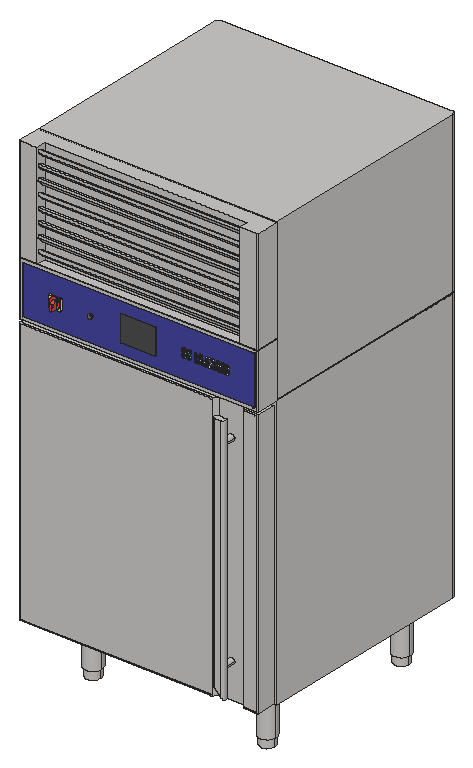
Revit family "QF_NuovAIR_P10.1----", category Specialty Equipment, Revit 2019
Family settings
  Round Connector Dimension = Use Diameter
  Part Type = Normal
  Work Plane-Based = No
  Always vertical = Yes
  Cut with Voids When Loaded = No
  Shared = No
  Room Calculation Point = No
Parameters (values of type "P10.1_LH_400V 50A")
  Weight = 180.00 kg
  Volts = 400 V
  Volt Free Conn = no
  URL Manufacturer = "https://www.nuovair.com/"
  URL Cutsheet = "P10.1-en.pdf"
  URL = ""
  Show Logo [instance] = yes
  Show Clearance [instance] = no
  Refrigeration Suction Line Size = 0 mm
  Refrigeration Liquid Line Size = 0 mm
  Refrigeration Energy Efficiency Index = ""
  Refrigeration Climate Class = ""
  Refrigerant Type = "R452a"
  Refrigerant Compressor Remote = no
  Potential Equalisation = yes
  Phase = 3
  Number of Poles = 3
  Model = "P10.1"
  Mat_Legs = QF_Stainless-Brushed
  Mat_Handle = QF_Stainless-Brushed
  Mat_Clearance = QF_Clearance
  Mat_Case = QF_Stainless-Brushed
  Masterspec = ""
  Manufacturer = "NUOVAIR"
  Main switch integrated = no
  Length Actual = 820 mm  # constant formula
  Legs_R2 = 25 mm  # constant formula
  Legs_R1 = 30 mm  # constant formula
  Keynote = "0"
  Item Number = "P10.1"
  Identify Quantity as Lot = no
  Horse Power = ""
  Height Actual = 1690 mm  # constant formula
  Foodservice Equipment Identifier = yes
  Energy Efficiency Labelling = ""
  FL Amps = 6 A
  Electric power = 2900000 W
  Elec Connection Height = 1160 mm
  Ele_Note = ""
  DoorH = Height Actual - 200 mm - 550 mm - 20 mm  # 920 mm
  Direct Waste Size = 0 mm
  Direct Waste Connection Height = 0 mm
  Description = "Blast Chiller, 8-12 tray GN1/1 - 60x40"
  Description_FR = ""
  Description_ES = ""
  Description_EN = ""
  Description_DE = ""
  Depth Actual = 853 mm  # constant formula
  RH = no
  D15 = 15 mm  # constant formula
  Cycle = 50 Hz
  Conn Plug = "only cable"
  CE Approved = yes
  Author = ""
  Accessory = no
Types (6, lengths in mm): name | Volts | FL Amps | RH | Cycle
  P10.1_LH_400V 50A | 400 V | 6 A | no | 50 Hz
  P10.1_RH_400V 50A | 400 V | 6 A | yes | 50 Hz
  P10.1_LH_440V 60A | 440 V | 6.6 A | no | 60 Hz
  P10.1_RH_440V 60A | 440 V | 6.6 A | yes | 60 Hz
  P10.1_LH_230V 60A | 230 V | 12.5 A | no | 60 Hz
  P10.1_RH_230V 60A | 230 V | 12.5 A | yes | 60 Hz
Reference planes
  plane 1 "Center (Front/Back)": y = 0
  plane 2: z = 0
  plane 3 "Center (Left/Right)": x = 0
  plane 4 "SX": x = -410
  plane 5 "DX": x = 410
  plane 6: y = -853
  plane 7: y = -1630
  plane 8: y = -770
  plane 9 "top": z = 1690
  plane 10 "Base": z = 510
  plane 11: x = -450
  plane 12: x = 450
  plane 13: y = -60
  plane 14: y = -710
  plane 15: x = -350
  plane 16: x = 350
  plane 17: y = 50
  plane 18 "down": z = 200
  plane 19: x = -300
  plane 20: x = 300
  plane 21: y = -96.5
  plane 22: y = -673.5
  plane 23 "Center L/S": z = 529
  plane 24 "1": z = 1140
  plane 25: z = 1330
  plane 26: z = 1235
  plane 27 "Manopola_X": x = -285
  plane 28: x = -165
  plane 29: z = 270
  plane 30: z = 1070
  plane 31: y = -385
  plane 32: z = 2190
Forms (mm)
  Extrusion 1, solid, material "QF_Clearance" <- "Mat_Clearance", visible <- "Show Clearance"
    sketch origin (0, 0, 0) x (1, 0, 0) y (0, 1, 0)
      loop
        line (-410, 50) -> (-410, -1630) -> (410, -1630) -> (410, 50) -> (-410, 50)
    from 0 to 1690
  Extrusion 2, solid, material "QF_Stainless-Brushed" <- "Mat_Case", detail levels medium+fine
    sketch origin (0, 0, 0) x (1, 0, 0) y (0, 1, 0)
      loop
        arc (-395, 0) -> (-405.607, -4.393) -> (-410, -15) r 15
        line (-410, -15) -> (-410, -770) -> (410, -770) -> (410, -15)
        arc (410, -15) -> (405.607, -4.393) -> (395, 0) r 15
        line (395, 0) -> (-395, 0)
      loop
        arc (-335, -60) -> (-345.607, -64.393) -> (-350, -75) r 15
        line (-350, -75) -> (-350, -695)
        arc (-350, -695) -> (-345.607, -705.607) -> (-335, -710) r 15
        line (-335, -710) -> (335, -710)
        arc (335, -710) -> (345.607, -705.607) -> (350, -695) r 15
        line (350, -695) -> (350, -75)
        arc (350, -75) -> (345.607, -64.393) -> (335, -60) r 15
        line (335, -60) -> (-335, -60)
    from 200 to 1690
  Extrusion 3, solid, material "QF_Clearance" <- "Mat_Clearance", visible <- "Show Clearance"
    sketch origin (0, 0, 0) x (1, 0, 0) y (0, 1, 0)
      loop
        line (-450, 0) -> (-450, -853) -> (450, -853) -> (450, 0) -> (-450, 0)
    from 0 to 1690
  Extrusion 4, solid, material "QF_Stainless-Brushed" <- "Mat_Case", detail levels medium+fine
    sketch origin (0, 0, 0) x (1, 0, 0) y (0, 1, 0)
      loop
        line (-350, -60) -> (-350, -710) -> (350, -710) -> (350, -60) -> (-350, -60)
    from 200 to 510
  Extrusion 5, solid, material "QF_Stainless-Brushed" <- "Mat_Case", detail levels medium+fine
    sketch origin (-1142.471, -1524, 1650) x (-1, 0, 0) y (0, -1, 0)
      loop
        line (-792.471, -1464) -> (-792.471, -814) -> (-1492.471, -814) -> (-1492.471, -1464) -> (-792.471, -1464)
    from 0 to 40
  Extrusion 6, solid, material "QF_Stainless-Brushed" <- "Mat_Legs", detail levels medium+fine
    sketch origin (0, 0, 0) x (1, 0, 0) y (0, 1, 0)
      loop
        circle (-300, -673.5) r 30
      loop
        circle (300, -673.5) r 30
      loop
        circle (300, -96.5) r 30
      loop
        circle (-300, -96.5) r 30
    from 30 to 200
  Extrusion 7, solid, material "QF_Stainless-Brushed" <- "Mat_Legs", detail levels medium+fine
    sketch origin (0, 0, 0) x (1, 0, 0) y (0, 1, 0)
      loop
        circle (-300, -96.5) r 25
      loop
        circle (300, -96.5) r 25
      loop
        circle (-300, -673.5) r 25
      loop
        circle (300, -673.5) r 25
    from 0 to 30
  Extrusion 8, solid, material "QF_Stainless-Brushed" <- "Mat_Case", detail levels medium+fine
    sketch origin (0, 0, 1140) x (-1, 0, 0) y (0, -1, 0)
      loop
        line (408, 770) -> (410, 772) -> (410, 850)
        arc (410, 850) -> (409.121, 852.121) -> (407, 853) r 3
        line (407, 853) -> (-407, 853)
        arc (-407, 853) -> (-409.121, 852.121) -> (-410, 850) r 3
        line (-410, 850) -> (-410, 772) -> (-408, 770) -> (408, 770)
    from 0 to 550
  Sweep 9, void
    path origin (0, 0, 1140) x (-1, 0, 0) y (0, -1, 0)
      loop
        line (350, 853) -> (-350, 853)
    profile "PRF_Air-8 Blade : KTM" origin (0, -853, 1140) x (0, 1, 0) y (0, 0, 1)
      loop
        line (33, 190) -> (33, 206) -> (23, 206) -> (5, 224) -> (5, 234) -> (10, 234) -> (10, 226.071) -> (25.071, 211) -> (33, 211) -> (33, 250) -> (23, 250) -> (5, 268) -> (5, 278) -> (10, 278) -> (10, 270.071) -> (25.071, 255) -> (33, 255) -> (33, 294) -> (23, 294) -> (5, 312) -> (5, 322) -> (10, 322) -> (10, 314.071) -> (25.071, 299) -> (33, 299) -> (33, 338) -> (23, 338) -> (5, 356) -> (5, 366) -> (10, 366) -> (10, 358.071) -> (25.071, 343) -> (33, 343) -> (33, 382) -> (23, 382) -> (5, 400) -> (5, 410) -> (10, 410) -> (10, 402.071) -> (25.071, 387) -> (33, 387) -> (33, 426) -> (23, 426) -> (5, 444) -> (5, 454) -> (10, 454) -> (10, 446.071) -> (25.071, 431) -> (33, 431) -> (33, 470) -> (23, 470) -> (5, 488) -> (5, 498) -> (10, 498) -> (10, 490.071) -> (25.071, 475) -> (33, 475) -> (33, 514) -> (23, 514) -> (5, 532) -> (5, 542) -> (10, 542) -> (10, 534.071) -> (25.071, 519) -> (33, 519) -> (33, 552) -> (-25, 552) -> (-25, 190) -> (33, 190)
  Sweep 10, void
    path origin (-846.124, -1524, 1330) x (-1, 0, 0) y (0, -1, 0)
      loop
        line (-436.124, -754) -> (-436.124, -671) -> (-1256.124, -671) -> (-1256.124, -754)
    profile "PRF_scalpel : PRF_scalpel" origin (0, -853, 1330) x (0, 1, 0) y (0, 0, 1)
      loop
        line (1, 0) -> (-1, 2) -> (-51, 2) -> (-51, -2) -> (-1, -2) -> (1, 0)
  Extrusion 11, void
    sketch origin (-909.885, -853, 4000) x (-1, 0, 0) y (0, 0, 1)
      loop
        line (-509.885, -2850) -> (-509.885, -2680) -> (-1309.885, -2680) -> (-1309.885, -2850) -> (-509.885, -2850)
    from 0 to 2
  Extrusion 12, solid, material "QF_Plastic-Navy Blue", detail levels medium+fine
    sketch origin (-909.885, -853, 4000) x (-1, 0, 0) y (0, 0, 1)
      loop
        line (-509.885, -2850) -> (-509.885, -2680) -> (-1309.885, -2680) -> (-1309.885, -2850) -> (-509.885, -2850)
    from 0 to 2
  Extrusion 13, solid, material "QF_Rubber-Black", detail levels fine
    sketch origin (-909.885, -853, 4000) x (-1, 0, 0) y (0, 0, 1)
      loop
        circle (-744.885, -2765) r 7.5
    from 0 to -5
  Extrusion 14, solid, material "QF_Plastic-Black-Transparent", detail levels fine
    sketch origin (-909.885, -853, 4000) x (-1, 0, 0) y (0, 0, 1)
      loop
        arc (-851.885, -2810) -> (-850.471, -2809.414) -> (-849.885, -2808) r 2
        line (-849.885, -2808) -> (-849.885, -2722)
        arc (-849.885, -2722) -> (-850.471, -2720.586) -> (-851.885, -2720) r 2
        line (-851.885, -2720) -> (-967.885, -2720)
        arc (-967.885, -2720) -> (-969.3, -2720.586) -> (-969.885, -2722) r 2
        line (-969.885, -2722) -> (-969.885, -2808)
        arc (-969.885, -2808) -> (-969.3, -2809.414) -> (-967.885, -2810) r 2
        line (-967.885, -2810) -> (-851.885, -2810)
    from 0 to -1
  Extrusion 15, solid, material "QF_Plastic-White-Glossy", visible <- "Show Logo", detail levels fine
    sketch origin (-909.885, -853, 4000) x (-1, 0, 0) y (0, 0, 1)
      loop
        arc (-1128.781, -2762.416) -> (-1134.776, -2768.41) -> (-1140.77, -2762.416) r 5.994
        line (-1140.77, -2762.416) -> (-1140.77, -2750) -> (-1143.053, -2750) -> (-1143.053, -2762.416)
        arc (-1143.053, -2762.416) -> (-1134.776, -2770.694) -> (-1126.498, -2762.416) r 8.278
        line (-1126.498, -2762.416) -> (-1126.498, -2750) -> (-1128.781, -2750) -> (-1128.781, -2762.416)
      loop
        circle (-1155.915, -2760.424) r 10.27
      loop
        circle (-1155.915, -2760.424) r 7.986
      loop
        line (-1212.558, -2761.793) -> (-1208.232, -2761.793) -> (-1208.232, -2753.14) -> (-1212.558, -2753.14)
        arc (-1212.558, -2753.14) -> (-1216.885, -2757.466) -> (-1212.558, -2761.793) r 4.327
      loop
        arc (-1217.138, -2763.363) -> (-1219.55, -2766.639) -> (-1219.885, -2770.694) r 7.466
        line (-1219.885, -2770.694) -> (-1216.64, -2770.694)
        arc (-1216.64, -2770.694) -> (-1216.089, -2766.758) -> (-1212.558, -2764.933) r 4.327
        line (-1212.558, -2764.933) -> (-1208.232, -2764.933) -> (-1208.232, -2770.694) -> (-1205.377, -2770.694) -> (-1205.377, -2750) -> (-1212.558, -2750)
        arc (-1212.558, -2750) -> (-1219.621, -2755.045) -> (-1217.138, -2763.363) r 7.466
      loop
        line (-1107.955, -2755.624) -> (-1107.955, -2770.694) -> (-1105.672, -2770.694) -> (-1105.672, -2750) -> (-1120.324, -2765.07) -> (-1120.324, -2750) -> (-1122.608, -2750) -> (-1122.608, -2770.694) -> (-1107.955, -2755.624)
      loop
        line (-1200.317, -2770.694) -> (-1197.463, -2770.694) -> (-1197.463, -2750) -> (-1200.317, -2750) -> (-1200.317, -2770.694)
      loop
        line (-1179.711, -2750) -> (-1182.178, -2750) -> (-1173.719, -2770.694) -> (-1165.26, -2750) -> (-1167.726, -2750) -> (-1173.719, -2764.659) -> (-1179.711, -2750)
      loop
        line (-1189.418, -2764.471) -> (-1184.371, -2764.471) -> (-1186.894, -2758.298) -> (-1189.418, -2764.471)
      loop
        line (-1190.468, -2767.04) -> (-1183.321, -2767.04) -> (-1181.827, -2770.694) -> (-1178.435, -2770.694) -> (-1186.894, -2750) -> (-1195.353, -2770.694) -> (-1191.961, -2770.694) -> (-1190.468, -2767.04)
      loop
        line (-1107.153, -2780) -> (-1105.672, -2780) -> (-1105.672, -2773.718) -> (-1107.153, -2773.718) -> (-1107.153, -2780)
      loop
        line (-1112.129, -2780) -> (-1108.839, -2780) -> (-1108.839, -2773.718) -> (-1112.129, -2773.718) -> (-1112.129, -2780)
      loop
        line (-1117.558, -2780) -> (-1113.075, -2780) -> (-1113.075, -2773.718) -> (-1117.558, -2773.718) -> (-1117.558, -2780)
      loop
        line (-1123.275, -2780) -> (-1118.956, -2780) -> (-1118.956, -2773.718) -> (-1123.275, -2773.718) -> (-1123.275, -2780)
      loop
        line (-1127.675, -2780) -> (-1124.22, -2780) -> (-1124.22, -2773.718) -> (-1127.675, -2773.718) -> (-1127.675, -2780)
      loop
        line (-1132.24, -2780) -> (-1128.374, -2780) -> (-1128.374, -2773.718) -> (-1132.24, -2773.718) -> (-1132.24, -2780)
      loop
        line (-1136.189, -2780) -> (-1133.268, -2780) -> (-1133.268, -2773.718) -> (-1136.189, -2773.718) -> (-1136.189, -2780)
      loop
        line (-1141.289, -2780) -> (-1136.858, -2780) -> (-1136.858, -2773.718) -> (-1141.289, -2773.718) -> (-1141.289, -2780)
      loop
        line (-1146.827, -2780) -> (-1142.835, -2780) -> (-1142.835, -2773.718) -> (-1146.827, -2773.718) -> (-1146.827, -2780)
      loop
        line (-1149.816, -2780) -> (-1147.806, -2780) -> (-1147.806, -2773.718) -> (-1149.816, -2773.718) -> (-1149.816, -2780)
      loop
        line (-1157.956, -2780) -> (-1152.881, -2780) -> (-1152.881, -2773.718) -> (-1157.956, -2773.718) -> (-1157.956, -2780)
      loop
        line (-1162.129, -2780) -> (-1158.677, -2780) -> (-1158.677, -2773.718) -> (-1162.129, -2773.718) -> (-1162.129, -2780)
      loop
        line (-1171.712, -2780) -> (-1165.838, -2780) -> (-1165.838, -2773.718) -> (-1171.712, -2773.718) -> (-1171.712, -2780)
      loop
        line (-1175.473, -2780) -> (-1173.025, -2780) -> (-1173.025, -2773.718) -> (-1175.473, -2773.718) -> (-1175.473, -2780)
      loop
        line (-1182.162, -2780) -> (-1176.878, -2780) -> (-1176.878, -2773.718) -> (-1182.162, -2773.718) -> (-1182.162, -2780)
      loop
        line (-1187.601, -2780) -> (-1183.801, -2780) -> (-1183.801, -2773.718) -> (-1187.601, -2773.718) -> (-1187.601, -2780)
      loop
        line (-1192.468, -2780) -> (-1188.434, -2780) -> (-1188.434, -2773.718) -> (-1192.468, -2773.718) -> (-1192.468, -2780)
      loop
        line (-1197.309, -2780) -> (-1193.587, -2780) -> (-1193.587, -2773.718) -> (-1197.309, -2773.718) -> (-1197.309, -2780)
      loop
        line (-1201.63, -2780) -> (-1198.272, -2780) -> (-1198.272, -2773.718) -> (-1201.63, -2773.718) -> (-1201.63, -2780)
      loop
        line (-1205.924, -2780) -> (-1202.618, -2780) -> (-1202.618, -2773.718) -> (-1205.924, -2773.718) -> (-1205.924, -2780)
      loop
        line (-1208.188, -2780) -> (-1206.731, -2780) -> (-1206.731, -2773.718) -> (-1208.188, -2773.718) -> (-1208.188, -2780)
      loop
        line (-1212.717, -2780) -> (-1208.995, -2780) -> (-1208.995, -2773.718) -> (-1212.717, -2773.718) -> (-1212.717, -2780)
      loop
        line (-1219.885, -2780) -> (-1213.888, -2780) -> (-1213.888, -2773.718) -> (-1219.885, -2773.718) -> (-1219.885, -2780)
    from 0 to -1
  Extrusion 16, solid, material "QF_Plastic-Cyan", visible <- "Show Logo", detail levels fine
    sketch origin (-909.885, -853, 4000) x (-1, 0, 0) y (0, 0, 1)
      loop
        line (-1078.274, -2754.585) -> (-1078.274, -2760.401) -> (-1074.885, -2763.789) -> (-1071.497, -2760.401) -> (-1071.497, -2754.585) -> (-1074.885, -2757.974) -> (-1078.274, -2754.585)
      loop
        line (-1089.435, -2770.101) -> (-1081.197, -2770.101) -> (-1084.814, -2773.718) -> (-1089.885, -2773.718) -> (-1089.885, -2775.43) -> (-1086.527, -2775.43) -> (-1089.045, -2777.948) -> (-1087.834, -2779.159) -> (-1085.316, -2776.641) -> (-1085.316, -2780) -> (-1083.603, -2780) -> (-1083.603, -2774.929) -> (-1079.986, -2771.312) -> (-1079.986, -2779.549) -> (-1074.885, -2774.448) -> (-1069.784, -2779.549) -> (-1069.784, -2771.312) -> (-1066.168, -2774.929) -> (-1066.168, -2780) -> (-1064.455, -2780) -> (-1064.455, -2776.641) -> (-1061.937, -2779.159) -> (-1060.726, -2777.948) -> (-1063.244, -2775.43) -> (-1059.885, -2775.43) -> (-1059.885, -2773.718) -> (-1064.957, -2773.718) -> (-1068.573, -2770.101) -> (-1060.336, -2770.101) -> (-1065.437, -2765) -> (-1060.336, -2759.899) -> (-1068.573, -2759.899) -> (-1064.957, -2756.282) -> (-1059.885, -2756.282) -> (-1059.885, -2754.57) -> (-1063.244, -2754.57) -> (-1060.726, -2752.052) -> (-1061.937, -2750.841) -> (-1064.455, -2753.359) -> (-1064.455, -2750) -> (-1066.168, -2750) -> (-1066.168, -2755.071) -> (-1069.784, -2758.688) -> (-1069.784, -2750.451) -> (-1074.885, -2755.552) -> (-1079.986, -2750.451) -> (-1079.986, -2758.688) -> (-1083.603, -2755.071) -> (-1083.603, -2750) -> (-1085.316, -2750) -> (-1085.316, -2753.359) -> (-1087.834, -2750.841) -> (-1089.045, -2752.052) -> (-1086.527, -2754.57) -> (-1089.885, -2754.57) -> (-1089.885, -2756.282) -> (-1084.814, -2756.282) -> (-1081.197, -2759.899) -> (-1089.435, -2759.899) -> (-1084.334, -2765) -> (-1089.435, -2770.101)
      loop
        line (-1064.471, -2768.388) -> (-1067.859, -2765) -> (-1064.471, -2761.612) -> (-1070.286, -2761.612) -> (-1073.674, -2765) -> (-1070.286, -2768.388) -> (-1064.471, -2768.388)
      loop
        line (-1085.3, -2768.388) -> (-1079.485, -2768.388) -> (-1076.096, -2765) -> (-1079.485, -2761.612) -> (-1085.3, -2761.612) -> (-1081.912, -2765) -> (-1085.3, -2768.388)
      loop
        line (-1078.274, -2775.415) -> (-1074.885, -2772.026) -> (-1071.497, -2775.415) -> (-1071.497, -2769.599) -> (-1074.885, -2766.211) -> (-1078.274, -2769.599) -> (-1078.274, -2775.415)
    from 0 to -1
  Sweep 17, void
    path origin (-846.124, -1524, 1140) x (-1, 0, 0) y (0, -1, 0)
      loop
        line (-436.124, -1524) -> (-436.124, -754) -> (-1256.124, -754) -> (-1256.124, -1524) -> (-436.124, -1524)
    profile "PRF_scalpel : PRF_scalpel" origin (0, 0, 1140) x (0, 1, 0) y (0, 0, 1)
      loop
        line (-1, 0) -> (1, -2) -> (51, -2) -> (51, 2) -> (1, 2) -> (-1, 0)
  Extrusion 18, solid, material "QF_Clearance" <- "Mat_Clearance", visible <- "Show Clearance"
    sketch origin (0, 0, 0) x (1, 0, 0) y (0, 1, 0)
      loop
        line (-410, -853) -> (410, -853) -> (410, 0) -> (-410, 0) -> (-410, -853)
    from 0 to 2190
Cuts and joins
  Sweep 17 cuts Extrusion 2
  joined: Extrusion 2, Extrusion 4, Extrusion 5
  joined: Extrusion 1, Extrusion 3
  Sweep 9, Sweep 10, Extrusion 11 cuts Extrusion 8
Lines and regions (mm)
  model lines, style "InvisibleLines"
    curve 1: line (-50, 0, 0) -> (50, 0, 0)
    curve 2: line (0, 50, 0) -> (0, -50, 0)
  model lines, style "QF_Case", detail levels coarse
    curve 3: line (-410, 0, 0) -> (410, 0, 0)
    curve 4: line (-410, -853, 0) -> (-410, 0, 0)
    curve 5: line (410, -853, 0) -> (-410, -853, 0)
    curve 6: line (410, 0, 0) -> (410, -853, 0)
    curve 7: line (410, -853, 1690) -> (410, -853, 0)
    curve 8: line (410, 0, 1690) -> (410, 0, 0)
    curve 9: line (-410, -853, 1690) -> (-410, -853, 0)
    curve 10: line (-410, 0, 1690) -> (-410, 0, 0)
    curve 11: line (-410, 0, 1690) -> (410, 0, 1690)
    curve 12: line (-410, -853, 1690) -> (-410, 0, 1690)
    curve 13: line (410, -853, 1690) -> (-410, -853, 1690)
    curve 14: line (410, 0, 1690) -> (410, -853, 1690)
  reference lines
    curve 15: line (150, -853, 1306.134) -> (150, -853, 1171.134)
    curve 16: line (310, -853, 1306.134) -> (310, -853, 1171.134)
Dimensions and locks
  curve 1 to plane 3 "Center (Left/Right)" to curve 1 = 50 mm locked, 50 mm locked
  curve 2 to plane 1 "Center (Front/Back)" to curve 2 = 50 mm locked, 50 mm locked
  "Height Actual": plane 9 "top" to level
  "Depth Actual": plane 6 to plane 1 "Center (Front/Back)"
  locked: plane 11 to plane 4 "SX" at 40
  locked: plane 5 "DX" to plane 12 at 40
  locked: plane 13 to plane 1 "Center (Front/Back)" at 60
  locked: plane 14 to plane 8 at 60
  locked: plane 1 "Center (Front/Back)" to plane 17 at 50
  locked: plane 8 to plane 6 at 83
  locked: plane 18 "down" to plane 2 at 200
  equal spacing: plane 4 "SX", plane 3 "Center (Left/Right)", plane 5 "DX"
  "Length Actual": plane 4 "SX" to plane 5 "DX"
  locked: plane 7 to plane 1 "Center (Front/Back)" at 1630
  locked: plane 16 to plane 5 "DX" at 60
  plane 23 "Center L/S" to plane 10 "Base" = 19 mm
  locked: plane 4 "SX" to plane 15 at 60
  plane 10 "Base" to plane 18 "down" = 310 mm
  plane 24 "1" to plane 2 = 1140 mm
  locked: plane 25 to plane 24 "1" at 190
  locked: Extrusion 11 sketch curve to plane 24 "1" at 10
  locked: plane 25 to Extrusion 11 sketch curve at 10
  locked: Extrusion 11 sketch curve to plane 4 "SX" at 10
  locked: plane 5 "DX" to Extrusion 11 sketch curve at 10
  Extrusion 12 sketch curve to plane 4 "SX" = 10 mm
  plane 5 "DX" to Extrusion 12 sketch curve = 10 mm
  Extrusion 12 sketch curve to plane 24 "1" = 10 mm
  plane 25 to Extrusion 12 sketch curve = 10 mm
  equal spacing: plane 25, plane 26, plane 24 "1", locked at 95 each
  locked: Extrusion 14 sketch curve to plane 26 at 45
  locked: plane 26 to Extrusion 14 sketch curve at 45
  Extrusion 14 sketch curve to plane 3 "Center (Left/Right)" = 60 mm
  plane 3 "Center (Left/Right)" to Extrusion 14 sketch curve = 60 mm
  locked: curve 15 to plane 3 "Center (Left/Right)" at 150
  locked: curve 16 to plane 3 "Center (Left/Right)" at 310
  locked: plane 29 to plane 2 at 270
  locked: plane 30 to plane 29 at 800
  locked: plane 24 "1" to plane 30 at 70
  equal spacing: plane 19, plane 3 "Center (Left/Right)", plane 20
  locked: plane 19 to plane 20 at 600
  equal spacing: plane 8, plane 31, plane 1 "Center (Front/Back)"
  equal spacing: plane 21, plane 31, plane 22
  locked: plane 21 to plane 22 at 577
  locked: plane 27 "Manopola_X" to plane 4 "SX" at 125
  locked: plane 28 to plane 27 "Manopola_X" at 120
  locked: plane 32 to plane 9 "top" at 500
  "D15": radius of Extrusion 2 sketch curve  (x6)
  "Legs_R1": radius of Extrusion 6 sketch curve  (x4)
  "Legs_R2": radius of Extrusion 7 sketch curve  (x4)
  aligned and locked: level to plane 2
  aligned and locked: plane 4 "SX" to Extrusion 1 sketch curve
  aligned and locked: plane 7 to Extrusion 1 sketch curve
  aligned and locked: Extrusion 1 sketch curve to plane 5 "DX"
  aligned and locked: plane 9 "top" to Extrusion 1
  aligned and locked: plane 1 "Center (Front/Back)" to Extrusion 2 sketch curve
  aligned and locked: Extrusion 2 sketch curve to plane 5 "DX"
  aligned and locked: plane 4 "SX" to Extrusion 2 sketch curve
  aligned and locked: plane 1 "Center (Front/Back)" to curve 3
  aligned and locked: plane 6 to curve 5
  aligned and locked: curve 6 to plane 5 "DX"
  aligned and locked: plane 4 "SX" to curve 4
  aligned and locked: plane 9 "top" to curve 8
  aligned and locked: plane 9 "top" to curve 7
  aligned and locked: plane 9 "top" to curve 10
  aligned and locked: plane 9 "top" to curve 9
  aligned and locked: level to curve 8
  aligned and locked: level to curve 7
  aligned and locked: level to curve 10
  aligned and locked: level to curve 9
  aligned and locked: curve 8 to plane 1 "Center (Front/Back)"
  aligned and locked: curve 10 to plane 1 "Center (Front/Back)"
  aligned and locked: plane 6 to curve 7
  aligned and locked: plane 6 to curve 9
  aligned and locked: plane 1 "Center (Front/Back)" to Extrusion 3 sketch curve
  aligned and locked: plane 11 to Extrusion 3 sketch curve
  aligned and locked: plane 6 to Extrusion 3 sketch curve
  aligned and locked: Extrusion 3 sketch curve to plane 12
  aligned and locked: plane 9 "top" to Extrusion 3
  aligned and locked: plane 8 to Extrusion 2 sketch curve
  aligned and locked: Extrusion 2 sketch curve to plane 13
  aligned and locked: plane 15 to Extrusion 2 sketch curve
  aligned and locked: Extrusion 2 sketch curve to plane 16
  aligned and locked: Extrusion 2 sketch curve to plane 14
  aligned and locked: plane 15 to Extrusion 4 sketch curve
  aligned and locked: Extrusion 4 sketch curve to plane 13
  aligned and locked: Extrusion 4 sketch curve to plane 16
  aligned and locked: plane 14 to Extrusion 4 sketch curve
  aligned and locked: plane 15 to Extrusion 5 sketch curve
  aligned and locked: Extrusion 5 sketch curve to plane 13
  aligned and locked: Extrusion 5 sketch curve to plane 16
  aligned and locked: plane 14 to Extrusion 5 sketch curve
  aligned and locked: Extrusion 1 sketch curve to plane 17
  aligned and locked: plane 10 "Base" to cut or joined group of Extrusion 2, Extrusion 4, Extrusion 5, Sweep 17
  aligned and locked: cut or joined group of Extrusion 2, Extrusion 4, Extrusion 5, Sweep 17 to plane 18 "down"  (x2)
  aligned and locked: plane 19 to Extrusion 6 sketch curve  (x2)
  aligned and locked: plane 22 to Extrusion 6 sketch curve  (x2)
  aligned and locked: plane 21 to Extrusion 6 sketch curve  (x2)
  aligned and locked: plane 20 to Extrusion 6 sketch curve  (x2)
  aligned and locked: plane 18 "down" to Extrusion 6
  aligned and locked: plane 19 to Extrusion 7 sketch curve  (x2)
  aligned and locked: plane 21 to Extrusion 7 sketch curve  (x2)
  aligned and locked: plane 20 to Extrusion 7 sketch curve  (x2)
  aligned and locked: plane 22 to Extrusion 7 sketch curve  (x2)
  aligned and locked: plane 1 "Center (Front/Back)" to curve 11
  aligned and locked: plane 6 to curve 13
  aligned and locked: plane 4 "SX" to nested 1
  aligned and locked: nested 1 to plane 1 "Center (Front/Back)"
  aligned and locked: Extrusion 8 sketch curve to plane 8
  aligned and locked: plane 4 "SX" to Extrusion 8 sketch curve
  aligned and locked: Extrusion 8 sketch curve to plane 5 "DX"
  aligned and locked: plane 6 to Extrusion 8 sketch curve
  aligned and locked: plane 15 to Sweep 9 sketch curve
  aligned and locked: plane 16 to Sweep 9 sketch curve
  aligned and locked: Sweep 9 sketch curve to plane 6
  aligned and locked: Extrusion 8 to plane 24 "1"
  aligned and locked: plane 9 "top" to Extrusion 2
  aligned and locked: plane 9 "top" to Extrusion 8
  aligned and locked: Sweep 10 sketch curve to plane 4 "SX"
  aligned and locked: plane 5 "DX" to Sweep 10 sketch curve
  aligned and locked: Sweep 10 sketch curve to plane 6
  aligned and locked: plane 8 to Sweep 10 sketch curve  (x2)
  aligned and locked: Extrusion 12 to plane 6
  aligned and locked: plane 27 "Manopola_X" to nested 2
  aligned and locked: nested 2 to plane 26
  aligned and locked: plane 26 to Extrusion 13 sketch curve
  aligned and locked: plane 28 to Extrusion 13 sketch curve
  aligned and locked: plane 6 to Extrusion 13
  aligned and locked: Extrusion 14 to plane 6
  aligned and locked: Extrusion 15 to plane 6
  aligned and locked: Extrusion 15 to curve 16
  aligned and locked: Extrusion 16 to plane 6
  aligned and locked: curve 15 to Extrusion 16
  aligned and locked: plane 8 to Sweep 17 sketch curve
  aligned and locked: Sweep 17 sketch curve to plane 5 "DX"
  aligned and locked: plane 4 "SX" to Sweep 17 sketch curve
  aligned and locked: plane 1 "Center (Front/Back)" to Sweep 17 sketch curve
  aligned and locked: plane 1 "Center (Front/Back)" to nested 3
  aligned and locked: plane 9 "top" to Extrusion 5
  aligned and locked: Extrusion 18 sketch curve to plane 1 "Center (Front/Back)"
  aligned and locked: Extrusion 18 sketch curve to plane 6
  aligned and locked: Extrusion 18 sketch curve to plane 4 "SX"
  aligned and locked: plane 5 "DX" to Extrusion 18 sketch curve
  aligned and locked: Extrusion 18 to level
  aligned and locked: plane 32 to Extrusion 18
Automatic sketch dimensions
  curve 2 to plane 3 "Center (Left/Right)" = 0 mm
  plane 1 "Center (Front/Back)" to curve 1 = 0 mm
  curve 11 to plane 5 "DX" = 0 mm
  curve 13 to plane 4 "SX" = 0 mm
  Extrusion 8 sketch curve to plane 5 "DX" = 2 mm
  Extrusion 8 sketch curve to Extrusion 8 sketch curve = 3 mm
  plane 4 "SX" to Extrusion 8 sketch curve = 3 mm
  plane 4 "SX" to Extrusion 8 sketch curve = 2 mm
  Extrusion 8 sketch curve to plane 8 = 2 mm  (x2)
  Extrusion 14 sketch curve to Extrusion 14 sketch curve = 2 mm  (x4)
  plane 24 "1" to curve 15 = 31.134 mm
  plane 24 "1" to curve 16 = 31.134 mm
  curve 16 to plane 25 = 23.866 mm
  curve 15 to plane 25 = 23.866 mm
  Extrusion 15 sketch curve to Extrusion 15 sketch curve = 0 mm  (x37)
  level to Extrusion 15 sketch curve = 1220 mm  (x23)
  level to Extrusion 15 sketch curve = 1226.282 mm  (x4)
  Extrusion 15 sketch curve to Extrusion 15 sketch curve = 1.481 mm
  Extrusion 15 sketch curve to Extrusion 15 sketch curve = 2.283 mm  (x2)
  Extrusion 15 sketch curve to Extrusion 15 sketch curve = 1.686 mm
  Extrusion 15 sketch curve to Extrusion 15 sketch curve = 3.29 mm
  Extrusion 15 sketch curve to Extrusion 15 sketch curve = 0.946 mm  (x2)
  Extrusion 15 sketch curve to Extrusion 15 sketch curve = 4.483 mm
  Extrusion 15 sketch curve to Extrusion 15 sketch curve = 1.398 mm
  Extrusion 15 sketch curve to Extrusion 15 sketch curve = 12.369 mm
  level to Extrusion 15 sketch curve = 1229.306 mm  (x4)
  Extrusion 15 sketch curve to Extrusion 15 sketch curve = 3.652 mm
  Extrusion 15 sketch curve to Extrusion 15 sketch curve = 4.319 mm
  Extrusion 15 sketch curve to Extrusion 15 sketch curve = 3.89 mm
  Extrusion 15 sketch curve to Extrusion 15 sketch curve = 3.455 mm
  Extrusion 15 sketch curve to Extrusion 15 sketch curve = 0.699 mm
  Extrusion 15 sketch curve to Extrusion 15 sketch curve = 3.866 mm
  Extrusion 15 sketch curve to Extrusion 15 sketch curve = 1.028 mm
  Extrusion 15 sketch curve to Extrusion 15 sketch curve = 5.994 mm
  Extrusion 15 sketch curve to Extrusion 15 sketch curve = 2.92 mm
  Extrusion 15 sketch curve to Extrusion 15 sketch curve = 0.67 mm
  Extrusion 15 sketch curve to Extrusion 15 sketch curve = 4.431 mm
  Extrusion 15 sketch curve to Extrusion 15 sketch curve = 1.546 mm
  Extrusion 15 sketch curve to Extrusion 15 sketch curve = 3.993 mm
  Extrusion 15 sketch curve to Extrusion 15 sketch curve = 0.979 mm
  Extrusion 15 sketch curve to Extrusion 15 sketch curve = 2.009 mm
  Extrusion 15 sketch curve to Extrusion 15 sketch curve = 3.065 mm
  Extrusion 15 sketch curve to Extrusion 15 sketch curve = 12.862 mm
  Extrusion 15 sketch curve to Extrusion 15 sketch curve = 5.075 mm
  Extrusion 15 sketch curve to Extrusion 15 sketch curve = 0.721 mm
  Extrusion 15 sketch curve to Extrusion 15 sketch curve = 3.452 mm
  Extrusion 15 sketch curve to Extrusion 15 sketch curve = 9.345 mm
  Extrusion 15 sketch curve to Extrusion 15 sketch curve = 3.71 mm
  Extrusion 15 sketch curve to Extrusion 15 sketch curve = 2.467 mm  (x2)
  Extrusion 15 sketch curve to Extrusion 15 sketch curve = 5.873 mm
  Extrusion 15 sketch curve to Extrusion 15 sketch curve = 1.314 mm
  Extrusion 15 sketch curve to Extrusion 15 sketch curve = 0.693 mm
  level to Extrusion 15 sketch curve = 1235.341 mm
  Extrusion 15 sketch curve to Extrusion 15 sketch curve = 2.447 mm
  Extrusion 15 sketch curve to Extrusion 15 sketch curve = 1.405 mm
  Extrusion 15 sketch curve to Extrusion 15 sketch curve = 1.557 mm
  Extrusion 15 sketch curve to Extrusion 15 sketch curve = 11.984 mm
  Extrusion 15 sketch curve to Extrusion 15 sketch curve = 3.392 mm  (x2)
  Extrusion 15 sketch curve to Extrusion 15 sketch curve = 0.334 mm
  level to Extrusion 15 sketch curve = 1232.96 mm
  Extrusion 15 sketch curve to Extrusion 15 sketch curve = 1.494 mm  (x2)
  Extrusion 15 sketch curve to Extrusion 15 sketch curve = 1.64 mm
  level to Extrusion 15 sketch curve = 1235.529 mm
  Extrusion 15 sketch curve to Extrusion 15 sketch curve = 1.05 mm  (x2)
  level to Extrusion 15 sketch curve = 1241.702 mm
  Extrusion 15 sketch curve to Extrusion 15 sketch curve = 2.523 mm
  level to Extrusion 15 sketch curve = 1250 mm
  Extrusion 15 sketch curve to Extrusion 15 sketch curve = 4.717 mm
  Extrusion 15 sketch curve to Extrusion 15 sketch curve = 3.8 mm
  Extrusion 15 sketch curve to Extrusion 15 sketch curve = 0.833 mm
  Extrusion 15 sketch curve to Extrusion 15 sketch curve = 5.047 mm
  Extrusion 15 sketch curve to Extrusion 15 sketch curve = 4.034 mm
  Extrusion 15 sketch curve to Extrusion 15 sketch curve = 1.119 mm
  Extrusion 15 sketch curve to Extrusion 15 sketch curve = 1.956 mm
  Extrusion 15 sketch curve to Extrusion 15 sketch curve = 10.569 mm
  Extrusion 15 sketch curve to Extrusion 15 sketch curve = 0.963 mm
  Extrusion 15 sketch curve to Extrusion 15 sketch curve = 2.854 mm  (x2)
  Extrusion 15 sketch curve to Extrusion 15 sketch curve = 3.358 mm
  Extrusion 15 sketch curve to Extrusion 15 sketch curve = 0.989 mm
  Extrusion 15 sketch curve to Extrusion 15 sketch curve = 5.06 mm
  Extrusion 15 sketch curve to Extrusion 15 sketch curve = 0.547 mm
  Extrusion 15 sketch curve to Extrusion 15 sketch curve = 0.807 mm  (x2)
  Extrusion 15 sketch curve to Extrusion 15 sketch curve = 1.457 mm
  Extrusion 15 sketch curve to Extrusion 15 sketch curve = 4.327 mm  (x3)
  Extrusion 15 sketch curve to Extrusion 15 sketch curve = 3.722 mm
  Extrusion 15 sketch curve to Extrusion 15 sketch curve = 1.171 mm
  Extrusion 15 sketch curve to Extrusion 15 sketch curve = 2.752 mm
  Extrusion 15 sketch curve to Extrusion 15 sketch curve = 5.997 mm
  Extrusion 15 sketch curve to Extrusion 15 sketch curve = 3.024 mm  (x7)
  Extrusion 15 sketch curve to Extrusion 15 sketch curve = 1.435 mm
  Extrusion 15 sketch curve to Extrusion 15 sketch curve = 5.624 mm  (x3)
  Extrusion 15 sketch curve to Extrusion 15 sketch curve = 11.301 mm
  Extrusion 15 sketch curve to Extrusion 15 sketch curve = 3.14 mm  (x2)
  Extrusion 15 sketch curve to Extrusion 15 sketch curve = 1.992 mm
  Extrusion 15 sketch curve to Extrusion 15 sketch curve = 15.07 mm
  Extrusion 15 sketch curve to plane 16 = 40 mm
  level to Extrusion 16 sketch curve = 1220 mm  (x2)
  plane 3 "Center (Left/Right)" to Extrusion 16 sketch curve = 150 mm  (x2)
  plane 3 "Center (Left/Right)" to Extrusion 16 sketch curve = 150.451 mm  (x2)
  plane 3 "Center (Left/Right)" to Extrusion 16 sketch curve = 150.841 mm  (x2)
  level to Extrusion 16 sketch curve = 1220.841 mm  (x2)
  Extrusion 16 sketch curve to Extrusion 16 sketch curve = 1.211 mm  (x31)
  plane 3 "Center (Left/Right)" to Extrusion 16 sketch curve = 153.359 mm  (x2)
  Extrusion 16 sketch curve to Extrusion 16 sketch curve = 2.518 mm  (x3)
  Extrusion 16 sketch curve to Extrusion 16 sketch curve = 4.135 mm  (x5)
  Extrusion 16 sketch curve to Extrusion 16 sketch curve = 1.713 mm  (x18)
  Extrusion 16 sketch curve to Extrusion 16 sketch curve = 0.966 mm  (x3)
  Extrusion 16 sketch curve to Extrusion 16 sketch curve = 2.422 mm  (x3)
  Extrusion 16 sketch curve to Extrusion 16 sketch curve = 4.103 mm  (x3)
  Extrusion 16 sketch curve to Extrusion 16 sketch curve = 3.617 mm  (x7)
  level to Extrusion 16 sketch curve = 1220.451 mm  (x2)
  level to Extrusion 16 sketch curve = 1224.585 mm  (x2)
  Extrusion 16 sketch curve to Extrusion 16 sketch curve = 3.388 mm  (x6)
  Extrusion 16 sketch curve to Extrusion 16 sketch curve = 0 mm  (x4)
  Extrusion 16 sketch curve to Extrusion 16 sketch curve = 2.427 mm  (x2)
  level to Extrusion 16 sketch curve = 1224.57 mm
  level to Extrusion 16 sketch curve = 1222.052 mm
  level to Extrusion 16 sketch curve = 1229.899 mm
  Extrusion 16 sketch curve to Extrusion 16 sketch curve = 0.841 mm  (x2)
  Extrusion 16 sketch curve to Extrusion 16 sketch curve = 0.451 mm  (x2)
  radius of Extrusion 13 sketch curve = 7.5 mm
  radius of Extrusion 15 sketch curve = 10.27 mm
  radius of Extrusion 15 sketch curve = 7.986 mm
Nested families
  nested 1: "Connection_DxSx" at (-410, 0, 1160) x (-1, 0, 0) z (0, 0, 1), built-in parameter 1001364 <- "Elec Connection Height", type "KTM", not visible
    with Width_DX 0 mm, Width Offset 40 mm, Depth Offset 0 mm, DX no
  nested 2: "Manopola_40x40" at (-285, -853, 1235) x (1, 0, 0) z (0, -1, 0), type "Manopola_40x40", detail levels fine
    with Mat_B QF_Plastic-Red, Mat_A QF_Plastic-Yellow
  nested 3: "Door_G_SenzaPlacca" at (0, 0, 210), Mat_Case <- "Mat_Case", Mat_Handle <- "Mat_Case", DX <- "RH", Depth <- "Depth Actual", Door Width <- "Length Actual", Door Height <- "DoorH", type "KTM", detail levels medium+fine
    with SX yes, RD 820 mm, Plate 359 mm, Mat_Seal QF_Rubber-Black, Mat_Handle QF_Stainless-Brushed, Mat_Case QF_Stainless-Brushed, Logo yes, Handle_Sx 718 mm, Handle_H 860 mm, Door Width 820 mm, Door Height 920 mm, Depth Offset 83 mm, Depth 853 mm, DX no, 2D_Offset 0 mm
Connectors
  electrical at (-370, 0.5, 1160), driven by "Number of Poles", driven by "Volts", driven by "Electric power", driven by "Ele_Note"
    settings: on nested 1, index 6, voltage 400 V, apparent load 2900000 VA, apparent load phase1 0 VA, apparent load phase2 0 VA, apparent load phase3 0 VA, power factor 1, load classification "Power", number of poles 3, system type 30, power factor state 1, is connector primary yes, connector utility no, sub classification motor no, connector description ""
Definition of nested family "Connection_DxSx"
  Parameters (values of type "KTM")
    Width_DX [instance] = if(DX, Width Offset * 2, 0 mm)  # 120 mm
    Width Offset [instance] = 60 mm
    Manufacturer = "Gjiom by www.RevitLandia.com"  # constant formula
    Depth Offset [instance] = 50 mm
    Default Elevation = 0 mm
    DX [instance] = yes
  Reference planes
    plane 1 "Center (Front/Back)": y = 0
    plane 2: z = 0
    plane 3 "Center (Left/Right)": x = 0
    plane 4 "Depth Offset": y = -50
    plane 5: x = 60
    plane 6: x = -60
  Forms (mm)
    Extrusion 1, solid
      sketch origin (0, 0, 0) x (1, 0, 0) y (0, 1, 0)
        loop
          circle (60, -50) r 15
      from -0.5 to 0.5
    Extrusion 2, solid
      sketch origin (0, -50, 0) x (-1, 0, 0) y (0, 0, 1)
        loop
          circle (-60, 0) r 15
      from -0.5 to 0.5
    Extrusion 3, solid
      sketch origin (60, 93.537, 4000) x (0, 1, 0) y (0, 0, 1)
        loop
          circle (-143.537, -4000) r 15
      from -0.5 to 0.5
  Lines and regions (mm)
    model lines
      curve 1: line (0, 0, 0) -> (0, -20, 0)
  Dimensions and locks
    "Depth Offset": plane 1 "Center (Front/Back)" to plane 4 "Depth Offset"
    "Width Offset": plane 6 to plane 3 "Center (Left/Right)"
    "Width_DX": plane 6 to plane 5
    aligned and locked: level to plane 2
    aligned and locked: plane 4 "Depth Offset" to Extrusion 1 sketch curve
    aligned and locked: level to Extrusion 2 sketch curve
    aligned and locked: level to Extrusion 3 sketch curve
    aligned and locked: plane 4 "Depth Offset" to Extrusion 3 sketch curve
    aligned and locked: plane 5 to Extrusion 1 sketch curve
    aligned and locked: plane 5 to Extrusion 2 sketch curve
  Automatic sketch dimensions
    curve 1 to plane 3 "Center (Left/Right)" = 0 mm
    plane 1 "Center (Front/Back)" to curve 1 = 0 mm
    plane 1 "Center (Front/Back)" to curve 1 = 20 mm
    radius of Extrusion 1 sketch curve = 15 mm
    radius of Extrusion 2 sketch curve = 15 mm
    radius of Extrusion 3 sketch curve = 15 mm
Definition of nested family "Manopola_40x40"
  Parameters (values of type "Manopola_40x40")
    Mat_A [instance] = none
    Default Elevation = 1219.2 mm
    Mat_B [instance] = none
  Reference planes
    plane 1 "Centro (Fronte/Retro)": y = 0
    plane 2: z = 0
    plane 3 "Centro (Sinistra/Destra)": x = 0
    plane 4: z = 20
    plane 5: z = 4
    plane 6: x = -20
    plane 7: x = 20
    plane 8: y = 20
    plane 9: y = -20
    plane 10: z = 5
    plane 11: z = 6
  Forms (mm)
    Extrusion 1, solid, material <- "Mat_A"
      sketch origin (0, 0, 0) x (1, 0, 0) y (0, 1, 0)
        loop
          arc (-18, 20) -> (-19.414, 19.414) -> (-20, 18) r 2
          line (-20, 18) -> (-20, -18)
          arc (-20, -18) -> (-19.414, -19.414) -> (-18, -20) r 2
          line (-18, -20) -> (18, -20)
          arc (18, -20) -> (19.414, -19.414) -> (20, -18) r 2
          line (20, -18) -> (20, 18)
          arc (20, 18) -> (19.414, 19.414) -> (18, 20) r 2
          line (18, 20) -> (-18, 20)
      from 0 to 4
    Extrusion 2, solid, material <- "Mat_B"
      sketch origin (0, 0, 0) x (1, 0, 0) y (0, 1, 0)
        loop
          circle (0, 0) r 18
      from 4 to 5
    Extrusion 3, solid, material <- "Mat_B"
      sketch origin (0, 0, 0) x (1, 0, 0) y (0, 1, 0)
        loop
          circle (0, 0) r 9
      from 5 to 6
    Blend 4, solid, material <- "Mat_B"
      base sketch origin (0, 0, 0) x (1, 0, 0) y (0, 1, 0)
        loop
          line (-5.402, 7.199) -> (-3.551, -19.27)
          arc (-3.551, -19.27) -> (0, -20) -> (3.551, -19.27) r 9
          line (3.551, -19.27) -> (5.402, 7.199)
          arc (5.402, 7.199) -> (0, 9) -> (-5.402, 7.199) r 9
      top sketch origin (0, 0, 0) x (1, 0, 0) y (0, 1, 0)
        loop
          line (-3.834, -0.858) -> (-3.512, -19.286)
          arc (-3.512, -19.286) -> (0, -20) -> (3.512, -19.286) r 9
          line (3.512, -19.286) -> (3.834, -0.858)
          arc (3.834, -0.858) -> (0, 0) -> (-3.834, -0.858) r 9
      from 6 to 20
  Cuts and joins
    joined: Extrusion 3, Blend 4
  Dimensions and locks
    locked: plane 4 to plane 2 at 20
    locked: plane 5 to plane 2 at 4
    equal spacing: plane 8, plane 1 "Centro (Fronte/Retro)", plane 9
    locked: plane 8 to plane 9 at 40
    equal spacing: plane 6, plane 3 "Centro (Sinistra/Destra)", plane 7
    locked: plane 6 to plane 7 at 40
    locked: plane 10 to plane 5 at 1
    locked: plane 11 to plane 10 at 1
    aligned and locked: level to plane 2
    aligned and locked: Extrusion 1 sketch curve to plane 8
    aligned and locked: Extrusion 1 sketch curve to plane 9
    aligned and locked: Extrusion 1 sketch curve to plane 7
    aligned and locked: plane 6 to Extrusion 1 sketch curve
    aligned and locked: Extrusion 1 to level
    aligned and locked: plane 5 to Extrusion 1
    aligned and locked: plane 3 "Centro (Sinistra/Destra)" to Extrusion 2 sketch curve
    aligned and locked: plane 1 "Centro (Fronte/Retro)" to Extrusion 2 sketch curve
    aligned and locked: plane 10 to Extrusion 2
    aligned and locked: Extrusion 2 to plane 5
    aligned and locked: plane 3 "Centro (Sinistra/Destra)" to Extrusion 3 sketch curve
    aligned and locked: plane 1 "Centro (Fronte/Retro)" to Extrusion 3 sketch curve
    aligned and locked: plane 11 to Extrusion 3
    aligned and locked: Extrusion 3 to plane 10
    aligned and locked: Blend 4 to plane 11
    aligned and locked: plane 4 to Blend 4
  Automatic sketch dimensions
    Extrusion 1 sketch curve to Extrusion 1 sketch curve = 2 mm
    plane 6 to Extrusion 1 sketch curve = 2 mm
    Extrusion 1 sketch curve to plane 7 = 2 mm  (x2)
    Blend 4 sketch curve to plane 3 "Centro (Sinistra/Destra)" = 0 mm  (x4)
    plane 1 "Centro (Fronte/Retro)" to Blend 4 sketch curve = 0.858 mm  (x2)
    plane 3 "Centro (Sinistra/Destra)" to Blend 4 sketch curve = 3.834 mm
    Blend 4 sketch curve to Blend 4 sketch curve = 8.142 mm
    Blend 4 sketch curve to Blend 4 sketch curve = 2 mm
    Blend 4 sketch curve to plane 9 = 0.714 mm  (x2)
    Blend 4 sketch curve to plane 3 "Centro (Sinistra/Destra)" = 3.512 mm
    plane 1 "Centro (Fronte/Retro)" to Blend 4 sketch curve = 0 mm
    Blend 4 sketch curve to plane 9 = 0.73 mm  (x2)
    Blend 4 sketch curve to plane 3 "Centro (Sinistra/Destra)" = 3.551 mm
    Blend 4 sketch curve to plane 3 "Centro (Sinistra/Destra)" = 5.402 mm
    plane 3 "Centro (Sinistra/Destra)" to Blend 4 sketch curve = 5.402 mm
    Blend 4 sketch curve to plane 9 = 9 mm
    Blend 4 sketch curve to plane 1 "Centro (Fronte/Retro)" = 7.199 mm
    radius of Extrusion 2 sketch curve = 18 mm
    radius of Extrusion 3 sketch curve = 9 mm
Definition of nested family "Door_G_SenzaPlacca"
  Parameters (values of type "KTM")
    SX [instance] = not(DX)  # yes
    RD [instance] = Door Width + [2D_Offset]  # 860 mm
    RFrame = 3 mm  # constant formula
    Plate [instance] = if(DX, (Door Width - 102 mm) / 2 + 102 mm, (Door Width - 102 mm) / 2)  # 374 mm
    Mat_Seal [instance] = none
    Mat_Handle [instance] = none
    Logo [instance] = yes
    Handle_Sx [instance] = if(SX, Door Width - 102 mm, 102 mm)  # 748 mm
    Handle_H [instance] = Door Height - 30 mm - 30 mm  # 790 mm
    Door Width [instance] = 850 mm
    Manufacturer = "Gjiom by www.RevitLandia.com"  # constant formula
    Mat_Case [instance] = none
    Door Height [instance] = 850 mm
    Depth Offset [instance] = 135 mm
    Depth [instance] = 700 mm
    Default Elevation = 0 mm
    DX [instance] = no
    2D_Offset [instance] = 10 mm
  Reference planes
    plane 1 "Center (Front/Back)": y = 0
    plane 2: z = 0
    plane 3 "Center (Left/Right)": x = 0
    plane 4: y = -565
    plane 5: y = -648
    plane 6: y = -700
    plane 7: x = -380
    plane 8: x = 380
    plane 9: z = 805
    plane 10: z = 850
    plane 11: x = -425
    plane 12: x = 425
    plane 13: y = -580
    plane 14: x = 435
    plane 15: x = -435
    plane 16: x = 323
    plane 17: x = 270.5
    plane 18: x = 280.5
    plane 19: x = 365.5
    plane 20: x = 375.5
    plane 21: y = -633
    plane 22: y = -633
    plane 23: z = 800
    plane 24: z = 645
  Forms (mm)
    Extrusion 1, solid, material <- "Mat_Case", detail levels medium+fine
      sketch origin (0, 0, 0) x (1, 0, 0) y (0, 1, 0)
        loop
          line (-425, -580) -> (-425, -648) -> (425, -648) -> (425, -580) -> (-425, -580)
      from 0 to 850
    Sweep 2, void
      path origin (-286.076, -648, 4000) x (-1, 0, 0) y (0, 0, 1)
        loop
          line (138.924, -3150) -> (-711.076, -3150) -> (-711.076, -4000) -> (138.924, -4000) -> (138.924, -3150)
      profile origin (-425, -648, 425) x (1, 0, 0) y (0, 1, 0)
        loop
          line (0, 0) -> (3, 0)
          arc (3, 0) -> (0.879, 0.879) -> (0, 3) r 3
          line (0, 3) -> (0, 0)
    Extrusion 3, solid, material <- "Mat_Seal", detail levels medium+fine
      sketch origin (-628.184, -580, 4000) x (-1, 0, 0) y (0, 0, 1)
        loop
          line (-248.184, -3195) -> (-1008.184, -3195) -> (-1008.184, -3975) -> (-248.184, -3975) -> (-248.184, -3195)
        loop
          line (-223.184, -3170) -> (-1033.184, -3170) -> (-1033.184, -4000) -> (-223.184, -4000) -> (-223.184, -3170)
      from 0 to 15
    Extrusion 4, void
      sketch origin (0, 0, 0) x (1, 0, 0) y (0, 1, 0)
        loop
          line (270.5, -648) -> (375.5, -648) -> (365.5, -633) -> (280.5, -633) -> (270.5, -648)
      from 0 to 850
  Cuts and joins
    Sweep 2, Extrusion 4 cuts Extrusion 1
  Lines and regions (mm)
    model lines
      curve 1: line (0, 0, 0) -> (0, -20, 0)
    symbolic lines, visible <- "DX", detail levels medium+fine
      curve 2: line (435, -580, 0) -> (435, -1440, 0)
      curve 4: arc (-425, -580, 0) -> (-173.112, -1188.112, 0) -> (435, -1440, 0) r 860
    symbolic lines, visible <- "SX", detail levels medium+fine
      curve 3: line (-435, -580, 0) -> (-435, -1440, 0)
      curve 5: arc (425, -580, 0) -> (173.112, -1188.112, 0) -> (-435, -1440, 0) r 860
    reference lines
      curve 6: line (-51, -648, 1090) -> (-51, -648, 0)
  Dimensions and locks
    "Depth Offset": plane 4 to plane 6
    "Depth": plane 1 "Center (Front/Back)" to plane 6
    locked: plane 11 to plane 7 at 45
    locked: plane 8 to plane 12 at 45
    locked: plane 10 to plane 9 at 45
    locked: plane 4 to plane 13 at 15
    locked: plane 13 to plane 5 at 68
    "Handle_Sx": plane 11 to plane 16
    "Door Height": plane 10 to level
    "2D_Offset": plane 12 to plane 14
    "2D_Offset": plane 15 to plane 11
    "Door Width": plane 11 to plane 12
    equal spacing: plane 11, plane 3 "Center (Left/Right)", plane 12
    plane 18 to plane 16 to plane 19 = 42.5 mm locked, 42.5 mm locked
    plane 17 to plane 16 to plane 20 = 52.5 mm locked, 52.5 mm locked
    locked: plane 21 to plane 5 at 15
    locked: plane 5 to plane 22 at 15
    plane 10 to plane 23 to plane 24 = 50 mm locked, 155 mm locked
    "Plate": curve 6 to plane 11
    "RFrame": radius of Sweep 2 sketch curve
    "RD": radius of curve 4
    "RD": radius of curve 5
    aligned and locked: level to plane 2
    aligned and locked: plane 1 "Center (Front/Back)" to curve 1
    aligned and locked: curve 1 to plane 3 "Center (Left/Right)"
    aligned and locked: plane 5 to Extrusion 1 sketch curve
    aligned and locked: Extrusion 1 to plane 2
    aligned and locked: plane 11 to Extrusion 1 sketch curve
    aligned and locked: Extrusion 1 sketch curve to plane 12
    aligned and locked: plane 10 to Extrusion 1
    aligned and locked: Sweep 2 sketch curve to plane 10
    aligned and locked: Sweep 2 sketch curve to plane 12
    aligned and locked: plane 11 to Sweep 2 sketch curve
    aligned and locked: level to Sweep 2 sketch curve
    aligned and locked: Sweep 2 sketch curve to profile plane  (x2)
    aligned and locked: Extrusion 1 sketch curve to plane 13
    aligned and locked: Extrusion 3 sketch curve to plane 9
    aligned and locked: plane 7 to Extrusion 3 sketch curve
    aligned and locked: Extrusion 3 sketch curve to plane 8
    aligned and locked: level to Extrusion 3 sketch curve
    aligned and locked: plane 4 to Extrusion 3
    aligned and locked: plane 13 to curve 4
    aligned and locked: plane 14 to curve 4
    aligned and locked: plane 13 to curve 2
    aligned and locked: plane 13 to curve 3
    aligned and locked: plane 13 to curve 5
    aligned and locked: plane 17 to Extrusion 4 sketch curve
    aligned and locked: plane 20 to Extrusion 4 sketch curve
    aligned and locked: plane 18 to Extrusion 4 sketch curve
    aligned and locked: plane 19 to Extrusion 4 sketch curve
    aligned and locked: plane 21 to Extrusion 4 sketch curve
    aligned and locked: Extrusion 4 sketch curve to plane 5
    aligned and locked: plane 10 to Extrusion 4
    aligned and locked: curve 2 to plane 14
    aligned and locked: plane 15 to curve 5
    aligned and locked: curve 3 to plane 15
    aligned and locked: plane 16 to nested 1
    aligned and locked: plane 22 to nested 1
  Automatic sketch dimensions
    Extrusion 3 sketch curve to plane 12 = 20 mm
    plane 11 to Extrusion 3 sketch curve = 20 mm
    level to Extrusion 3 sketch curve = 25 mm
    Extrusion 3 sketch curve to plane 10 = 20 mm
    plane 1 "Center (Front/Back)" to curve 1 = 20 mm
    curve 6 to level = 0 mm
    plane 10 to curve 6 = 240 mm
  Nested families
    nested 1: "Handle_G" at (323, -633, 30), Mat_A <- "Mat_Handle", Height <- "Handle_H", type "KTM", detail levels fine
      with Mat_A none, Height 790 mm
  Definition of nested family "Handle_G"
    Parameters (values of type "KTM")
      Manufacturer = "Gjiom by www.RevitLandia.com"  # constant formula
      Mat_A [instance] = none
      Height [instance] = 500 mm
      Default Elevation = 0 mm
    Reference planes
      plane 1 "Center (Front/Back)": y = 0
      plane 2: z = 0
      plane 3 "Center (Left/Right)": x = 0
      plane 4: z = 500
      plane 5: z = 420
      plane 6: z = 90
      plane 7: y = -40
    Forms (mm)
      Extrusion 1, solid, material <- "Mat_A"
        sketch origin (0, 0, 0) x (1, 0, 0) y (0, 0, 1)
          loop
            circle (0, 420) r 10
          loop
            circle (0, 90) r 10
        from 0 to 40
      Extrusion 2, solid, material <- "Mat_A"
        sketch origin (0, 0, 0) x (1, 0, 0) y (0, 1, 0)
          loop
            arc (-10, -40) -> (-20, -50) -> (-10, -60) r 10
            line (-10, -60) -> (10, -60)
            arc (10, -60) -> (20, -50) -> (10, -40) r 10
            line (10, -40) -> (-10, -40)
        from 0 to 500
      Extrusion 3, void
        sketch origin (0, 0, 0) x (1, 0, 0) y (0, 0, 1)
          loop
            line (20, 0) -> (-70, 90) -> (-70, 0) -> (20, 0)
        from 0 to 70
    Cuts and joins
      Extrusion 3 cuts Extrusion 2
      joined: Extrusion 1, Extrusion 2
    Dimensions and locks
      "Height": plane 4 to level
      locked: plane 4 to plane 5 at 80
      locked: plane 6 to level at 90
      plane 7 to plane 1 "Center (Front/Back)" = 40 mm
      aligned and locked: level to plane 2
      aligned and locked: plane 5 to Extrusion 1 sketch curve
      aligned and locked: plane 6 to Extrusion 1 sketch curve
      aligned and locked: plane 3 "Center (Left/Right)" to Extrusion 1 sketch curve  (x2)
      aligned and locked: Extrusion 1 to plane 7
      aligned and locked: plane 4 to Extrusion 2
      aligned and locked: level to Extrusion 3 sketch curve
      aligned and locked: plane 6 to Extrusion 3 sketch curve
    Automatic sketch dimensions
      Extrusion 2 sketch curve to plane 7 = 0 mm
      Extrusion 2 sketch curve to plane 3 "Center (Left/Right)" = 10 mm
      Extrusion 2 sketch curve to Extrusion 2 sketch curve = 20 mm
      Extrusion 2 sketch curve to Extrusion 2 sketch curve = 10 mm
      Extrusion 3 sketch curve to plane 3 "Center (Left/Right)" = 70 mm
      plane 3 "Center (Left/Right)" to Extrusion 3 sketch curve = 20 mm
      radius of Extrusion 1 sketch curve = 10 mm  (x2)
